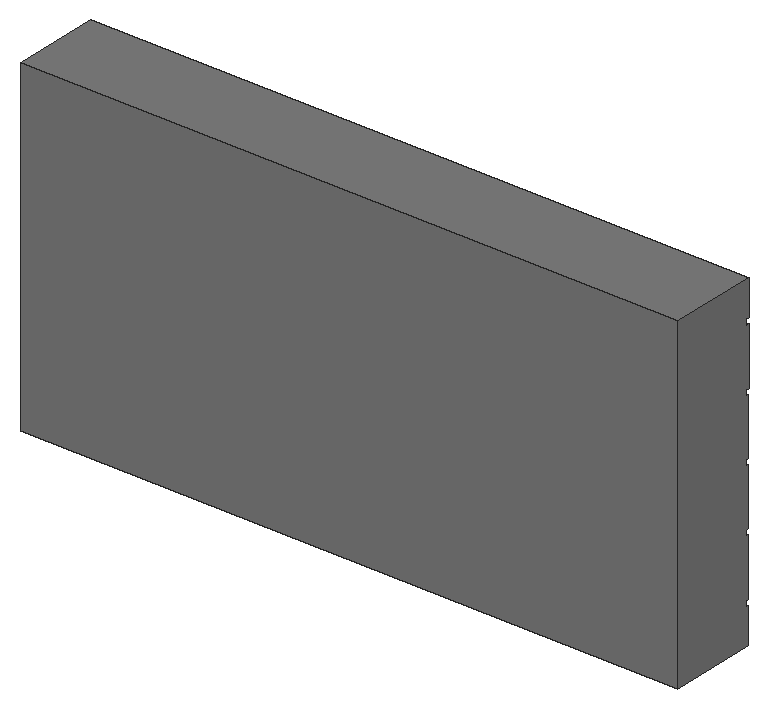
Revit family "Etixx37_ep160_R4-25", category Equipement spécialisé, Revit 2016
Family settings
  Type d'élément = Normal
  Cote de connecteur circulaire = Utiliser le diamètre
  Basée sur le plan de construction = Non
  Toujours verticalement = Oui
  Couper avec des vides une fois chargée = Non
  Partagée = Non
  Point de calcul de pièce = Non
Parameters (values of type "Etixx37_ep160_R4-25")
  Visibilité [instance] = yes
  URL = "https://www.isobox-isolation.fr/sites/default/files/produit_documents/plaquette_etixx_31_37juin2018_0.pdf"
  Transmission de la vapeur d’eau (μ) = "20-40"  # constant formula
  Résistance thermique = 4.2500 (m²·K)/W  # constant formula
  Modèle = "ep : 160mm"  # constant formula
  Matériaux = Isolant PSE Etixx 37
  Longueur [instance] = 1200.00 mm
  Largeur [instance] = 600.00 mm
  Image du type = Image_Etixx37.jpg
  Fabricant = "Isobox"  # constant formula
  Epaisseur = 160.00 mm  # constant formula
  Empreinte carbone (Kg eq CO²/m²) = 10.42  # constant formula
  Description = "Etixx37 épaisseur 160"  # constant formula
  Coût = 0  # constant formula
  Conductivité thermique = 0.0310 W/(m·K)  # constant formula
Reference planes
  plane 1 "Centre (avant/arrière)": z = 0
  plane 2: y = 655.866
  plane 3 "Centre (gauche/droite)": x = 298.55
  plane 4 "Extérieur": y = 495.866
  plane 5: x = -901.45
  plane 6: z = 600
Forms (mm)
  Extrusion 1, solid, material "Isolant PSE Etixx 37" <- "Matériaux"
    sketch origin (0, 655.866, 600) x (0, 0, 1) y (-1, 0, 0)
      loop
        line (-600, 901.45) -> (-600, -298.55) -> (0, -298.55) -> (0, 901.45) -> (-600, 901.45)
    from 0 to 160
  Extrusion 2, void
    sketch origin (2.901, 655.866, 520) x (0, 0, 1) y (-1, 0, 0)
      loop
        line (-455, 904.351) -> (-455, -295.649) -> (-445, -295.649) -> (-445, 904.351) -> (-455, 904.351)
      loop
        line (-340, 904.351) -> (-340, -295.649) -> (-330, -295.649) -> (-330, 904.351) -> (-340, 904.351)
      loop
        line (-225, 904.351) -> (-225, -295.649) -> (-215, -295.649) -> (-215, 904.351) -> (-225, 904.351)
      loop
        line (-110, 904.351) -> (-110, -295.649) -> (-100, -295.649) -> (-100, 904.351) -> (-110, 904.351)
      loop
        line (5, 904.351) -> (5, -295.649) -> (15, -295.649) -> (15, 904.351) -> (5, 904.351)
    from 0 to 5
Cuts and joins
  Extrusion 2 cuts Extrusion 1
Dimensions and locks
  "Epaisseur": plane 4 "Extérieur" to plane 2
  "Longueur": plane 5 to plane 3 "Centre (gauche/droite)"
  "Largeur": plane 6 to level
  aligned and locked: plane 4 "Extérieur" to cut or joined group of Extrusion 1, Extrusion 2
  aligned and locked: plane 1 "Centre (avant/arrière)" to cut or joined group of Extrusion 1, Extrusion 2
  aligned and locked: plane 5 to Extrusion 1
  aligned and locked: plane 6 to cut or joined group of Extrusion 1, Extrusion 2
  aligned and locked: Extrusion 1 to Extrusion 2  (x9)
  aligned and locked: plane 3 "Centre (gauche/droite)" to Extrusion 2
Automatic sketch dimensions
  Extrusion 1 sketch curve to level = 0.00 mm
  Extrusion 1 sketch curve to plane 3 "Centre (gauche/droite)" = 0.00 mm
  level to Extrusion 1 sketch curve = 600.00 mm
  Extrusion 1 sketch curve to Extrusion 1 sketch curve = 1200.00 mm
  plane 3 "Centre (gauche/droite)" to Extrusion 2 sketch curve = 0.00 mm  (x5)
  level to Extrusion 2 sketch curve = 65.00 mm
  Extrusion 2 sketch curve to Extrusion 2 sketch curve = 10.00 mm  (x5)
  Extrusion 2 sketch curve to Extrusion 2 sketch curve = 105.00 mm  (x4)
  Extrusion 2 sketch curve to Extrusion 2 sketch curve = 1200.00 mm
  Extrusion 2 sketch curve to Extrusion 2 sketch curve = 0.00 mm  (x4)
